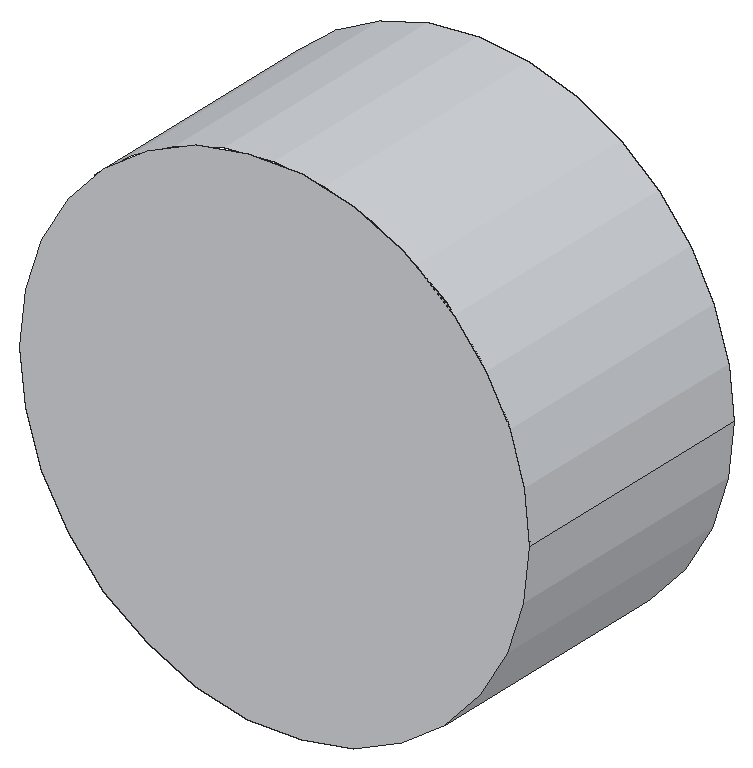
Revit family "PractiboxS flush cabinet for masonry wall", category Equipement spécialisé, Revit 2020
Family settings
  Cote de connecteur circulaire = Utiliser le diamètre
  Type d'élément = Normal
  Numéro OmniClass = 23.80.30.11.17
  Titre OmniClass = Distribution Boards and Control Panels
  Basée sur le plan de construction = Non
  Toujours verticalement = Oui
  Couper avec des vides une fois chargée = Non
  Partagée = Oui
  Point de calcul de pièce = Non
Parameters (values of type "Communication board 135722")
  Width (mm) = 18 mm
  Type of door = "With door"
  RAL Number = "9003"
  Legrand part number = "135722"
  Height (mm) = 328 mm
  Function = "Communication board"
  ETIM class = "EC003845"
  E-catalogue link = "https://www.legrand.fr/reference/135722/pro"
  Depth (mm) = 103 mm
  Color = "White"
  General Conditions of Use = "https://export.legrand.com/en/terms-of-use-BIM-objects"
  Fabricant = "LEGRAND"
  Elévation par défaut = 0 mm
  EAN = "3414972144278"
  BIM wording = "Communication board 135722"
Reference planes
  plane 1 "Centre (avant/arrière)": y = 106
  plane 2: z = 0
  plane 3: x = 0
Forms (mm)
  Extrusion 1, solid
    sketch origin (0, 106, 0) x (1, 0, 0) y (0, 0, 1)
      loop
        circle (0, 107.986) r 1
    from 0 to 1
Dimensions and locks
  aligned and locked: level to plane 2
Connectors
  electrical at (0, 106, 107.986)
    settings: on Extrusion 1, index 1, voltage 230 V, apparent load 0 VA, apparent load phase1 0 VA, apparent load phase2 0 VA, apparent load phase3 0 VA, power factor 1, load classification "Autre", number of poles 1, system type 31, power factor state 1, is connector primary yes, connector utility no, sub classification motor no, connector description ""
